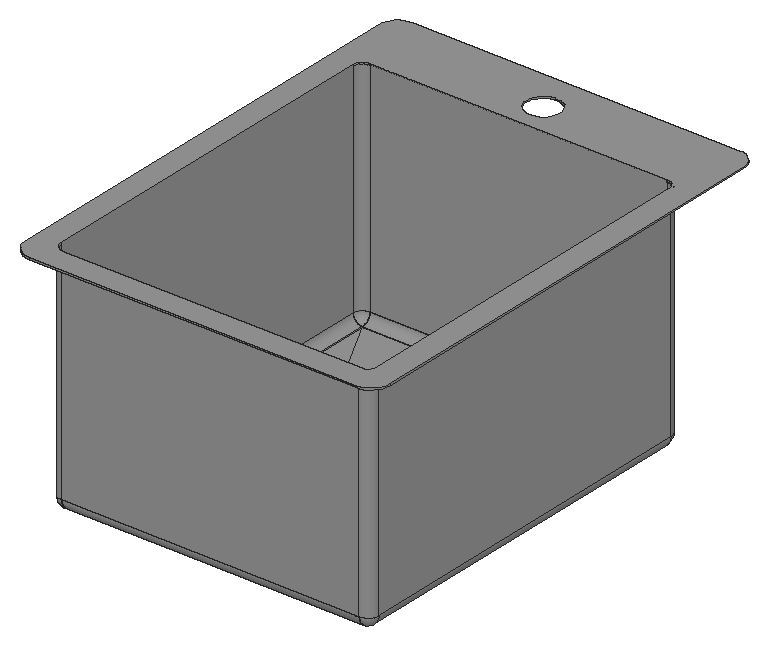
Revit family "BUILDMAT-SNGMTL020-Evelyn-380-Tap-Landing-Gunmetal", category Plumbing Fixtures, host Face, Revit 2026
Family settings
  Host = Face
  Round Connector Dimension = Use Diameter
  Part Type = Normal
  Enable Cutting in Views = No
  Cut with Voids When Loaded = No
  Maintain Annotation Orientation = No
  Shared = No
  Room Calculation Point = No
Parameters (values of type "Evelyn 380x500x250mm Brushed Gunmetal")
  Width = 330.0 mm
  Undermount [instance] = 0.0 mm
  URL = "https://www.buildmat.com.au/products/evelyn-380-single-bowl-tap-landing-sink"
  Model = "TLAN020"  # constant formula
  Manufacturer URL = "https://www.buildmat.com.au/"
  Manufacturer = "BUILDMAT"  # constant formula
  Length = 400.0 mm
  Description = "BUILDMAT - Evelyn 380x500 Single Bowl with Tap Landing Sink"  # constant formula
  Depth = 250.0 mm
  Default Elevation = 1219.2 mm
  Created By URL = "https://www.buildmat.com.au/"
  Created By = "BUILDMAT"  # constant formula
  Created = "22.06.2022"  # constant formula
  Material = BUILDMAT Gunmetal
Reference planes
  plane 1 "Center (Front/Back)": y = 0
  plane 2: z = 0
  plane 3 "Center (Left/Right)": x = 0
  plane 4 "Top Substrate": z = 0
  plane 5 "Left": x = -165
  plane 6 "Right": x = 165
  plane 7 "Back": y = 200
  plane 8 "Front": y = -200
  plane 9: x = -190
  plane 10: x = 190
  plane 11: y = -225
  plane 12: y = 275
  plane 13 "Bottom Void": z = -250
  plane 14: z = 1.5
  plane 15: x = -166.5
  plane 16: y = -201.5
  plane 17: x = 166.5
  plane 18: y = 201.5
  plane 19: z = -240
  plane 20: z = -230
  plane 21: x = -155
  plane 22: x = 155
  plane 23: y = -190
  plane 24: y = 190
  plane 25: z = -245
  plane 26: z = -241.5
  plane 27: z = -246.5
  plane 28: x = -100
  plane 29: x = 100
  plane 30 "Sound Pad": z = -130
  plane 31 "Front Bracket": y = -100
  plane 32 "Back Bracket": y = 100
  plane 33: x = -65
  plane 34: x = 65
  plane 35: x = -57
  plane 36: x = 57
  plane 37: x = -45
  plane 38: x = 45
  plane 39: y = 232
  plane 40: y = 251.5
  plane 41: x = -178.2
  plane 42: z = -15
  plane 43: x = 178.2
  plane 44: x = -176.7
  plane 45: x = 176.7
Forms (mm)
  Extrusion 1, void
    sketch origin (0, 0, 0) x (1, 0, 0) y (0, 1, 0)
      loop
        arc (-155, 200) -> (-162.071, 197.071) -> (-165, 190) r 10
        line (-165, 190) -> (-165, -190)
        arc (-165, -190) -> (-162.071, -197.071) -> (-155, -200) r 10
        line (-155, -200) -> (155, -200)
        arc (155, -200) -> (162.071, -197.071) -> (165, -190) r 10
        line (165, -190) -> (165, 190)
        arc (165, 190) -> (162.071, 197.071) -> (155, 200) r 10
        line (155, 200) -> (-155, 200)
    from 0 to 1.5
  Extrusion 2, void
    sketch origin (0, 0, 0) x (1, 0, 0) y (0, 1, 0)
      loop
        line (-166.5, 201.5) -> (-166.5, -201.5) -> (166.5, -201.5) -> (166.5, 201.5) -> (-166.5, 201.5)
    from 0 to -250
  Extrusion 3, void
    sketch origin (0, 0, 0) x (1, 0, 0) y (0, 1, 0)
      loop
        arc (-170, 275) -> (-184.142, 269.142) -> (-190, 255) r 20
        line (-190, 255) -> (-190, -205)
        arc (-190, -205) -> (-184.142, -219.142) -> (-170, -225) r 20
        line (-170, -225) -> (170, -225)
        arc (170, -225) -> (184.142, -219.142) -> (190, -205) r 20
        line (190, -205) -> (190, 255)
        arc (190, 255) -> (184.142, 269.142) -> (170, 275) r 20
        line (170, 275) -> (-170, 275)
    from 1.5 to 0
  Extrusion 4, solid, material "BUILDMAT Gunmetal" <- "Material"
    sketch origin (0, 0, 0) x (-1, 0, 0) y (0, -1, 0)
      loop
        arc (170, -275) -> (184.142, -269.142) -> (190, -255) r 20
        line (190, -255) -> (190, 205)
        arc (190, 205) -> (184.142, 219.142) -> (170, 225) r 20
        line (170, 225) -> (-170, 225)
        arc (-170, 225) -> (-184.142, 219.142) -> (-190, 205) r 20
        line (-190, 205) -> (-190, -255)
        arc (-190, -255) -> (-184.142, -269.142) -> (-170, -275) r 20
        line (-170, -275) -> (170, -275)
      loop
        arc (155, -200) -> (162.071, -197.071) -> (165, -190) r 10
        line (165, -190) -> (165, 190)
        arc (165, 190) -> (162.071, 197.071) -> (155, 200) r 10
        line (155, 200) -> (-155, 200)
        arc (-155, 200) -> (-162.071, 197.071) -> (-165, 190) r 10
        line (-165, 190) -> (-165, -190)
        arc (-165, -190) -> (-162.071, -197.071) -> (-155, -200) r 10
        line (-155, -200) -> (155, -200)
    from 0 to 1.5
  Extrusion 5, solid, material "BUILDMAT Gunmetal" <- "Material"
    sketch origin (0, 0, 0) x (-1, 0, 0) y (0, -1, 0)
      loop
        arc (155, -201.5) -> (163.132, -198.132) -> (166.5, -190) r 11.5
        line (166.5, -190) -> (166.5, 190)
        arc (166.5, 190) -> (163.132, 198.132) -> (155, 201.5) r 11.5
        line (155, 201.5) -> (-155, 201.5)
        arc (-155, 201.5) -> (-163.132, 198.132) -> (-166.5, 190) r 11.5
        line (-166.5, 190) -> (-166.5, -190)
        arc (-166.5, -190) -> (-163.132, -198.132) -> (-155, -201.5) r 11.5
        line (-155, -201.5) -> (155, -201.5)
      loop
        arc (-155, 200) -> (-162.071, 197.071) -> (-165, 190) r 10
        line (-165, 190) -> (-165, -190)
        arc (-165, -190) -> (-162.071, -197.071) -> (-155, -200) r 10
        line (-155, -200) -> (155, -200)
        arc (155, -200) -> (162.071, -197.071) -> (165, -190) r 10
        line (165, -190) -> (165, 190)
        arc (165, 190) -> (162.071, 197.071) -> (155, 200) r 10
        line (155, 200) -> (-155, 200)
    from 0 to -230
  Revolve 6, solid, material "BUILDMAT Gunmetal" <- "Material"
    sketch origin (-175.162, 190, 1219.2) x (-1, 0, 0) y (0, 0, 1)
      loop
        line (-340.162, -1449.2) -> (-341.662, -1449.2)
        arc (-341.662, -1449.2) -> (-338.293, -1457.332) -> (-330.162, -1460.7) r 11.5
        line (-330.162, -1460.7) -> (-330.162, -1459.2)
        arc (-330.162, -1459.2) -> (-337.233, -1456.271) -> (-340.162, -1449.2) r 10
      axis (-330.162, -1460.7) -> (-330.162, -1449.2)
    angle from 0 to -90
  Revolve 7, solid, material "BUILDMAT Gunmetal" <- "Material"
    sketch origin (-175.162, 190, 1219.2) x (-1, 0, 0) y (0, 0, 1)
      loop
        arc (-10.162, -1449.2) -> (-13.091, -1456.271) -> (-20.162, -1459.2) r 10
        line (-20.162, -1459.2) -> (-20.162, -1460.7)
        arc (-20.162, -1460.7) -> (-12.03, -1457.332) -> (-8.662, -1449.2) r 11.5
        line (-8.662, -1449.2) -> (-10.162, -1449.2)
      axis (-20.162, -1449.2) -> (-20.162, -1460.7)
    angle from 0 to -90
  Revolve 8, solid, material "BUILDMAT Gunmetal" <- "Material"
    sketch origin (-175.162, -190, 1219.2) x (-1, 0, 0) y (0, 0, 1)
      loop
        arc (-10.162, -1449.2) -> (-13.091, -1456.271) -> (-20.162, -1459.2) r 10
        line (-20.162, -1459.2) -> (-20.162, -1460.7)
        arc (-20.162, -1460.7) -> (-12.03, -1457.332) -> (-8.662, -1449.2) r 11.5
        line (-8.662, -1449.2) -> (-10.162, -1449.2)
      axis (-20.162, -1449.2) -> (-20.162, -1460.7)
    angle from 0 to 90
  Revolve 9, solid, material "BUILDMAT Gunmetal" <- "Material"
    sketch origin (-175.162, -190, 1219.2) x (-1, 0, 0) y (0, 0, 1)
      loop
        line (-340.162, -1449.2) -> (-341.662, -1449.2)
        arc (-341.662, -1449.2) -> (-338.293, -1457.332) -> (-330.162, -1460.7) r 11.5
        line (-330.162, -1460.7) -> (-330.162, -1459.2)
        arc (-330.162, -1459.2) -> (-337.233, -1456.271) -> (-340.162, -1449.2) r 10
      axis (-330.162, -1449.2) -> (-330.162, -1460.7)
    angle from 0 to 90
  Extrusion 10, solid, material "BUILDMAT Gunmetal" <- "Material"
    sketch origin (0, 0, 0) x (1, 0, 0) y (0, 0, 1)
      loop
        line (-165, -230) -> (-166.5, -230)
        arc (-166.5, -230) -> (-163.132, -238.132) -> (-155, -241.5) r 11.5
        line (-155, -241.5) -> (-155, -240)
        arc (-155, -240) -> (-162.071, -237.071) -> (-165, -230) r 10
    from -190 to 190
  Extrusion 11, solid, material "BUILDMAT Gunmetal" <- "Material"
    sketch origin (0, 0, 0) x (1, 0, 0) y (0, 0, 1)
      loop
        arc (165, -230) -> (162.071, -237.071) -> (155, -240) r 10
        line (155, -240) -> (155, -241.5)
        arc (155, -241.5) -> (163.132, -238.132) -> (166.5, -230) r 11.5
        line (166.5, -230) -> (165, -230)
    from -190 to 190
  Extrusion 12, solid, material "BUILDMAT Gunmetal" <- "Material"
    sketch origin (0, 0, 0) x (0, 1, 0) y (0, 0, 1)
      loop
        arc (200, -230) -> (197.071, -237.071) -> (190, -240) r 10
        line (190, -240) -> (190, -241.5)
        arc (190, -241.5) -> (198.132, -238.132) -> (201.5, -230) r 11.5
        line (201.5, -230) -> (200, -230)
    from -155 to 155
  Extrusion 13, solid, material "BUILDMAT Gunmetal" <- "Material"
    sketch origin (0, 0, 0) x (0, 1, 0) y (0, 0, 1)
      loop
        line (-200, -230) -> (-201.5, -230)
        arc (-201.5, -230) -> (-198.132, -238.132) -> (-190, -241.5) r 11.5
        line (-190, -241.5) -> (-190, -240)
        arc (-190, -240) -> (-197.071, -237.071) -> (-200, -230) r 10
    from -155 to 155
  Revolve 14, solid, material "BUILDMAT Gunmetal" <- "Material"
    sketch origin (0, 0, 0) x (1, 0, 0) y (0, 0, 1)
      loop
        line (-45, -250) -> (-45, -248.5)
        spline (-45, -248.5) -> (-46.484, -248.459) -> (-47.939, -248.339) -> (-49.337, -248.141) -> (-50.649, -247.871) -> (-51.848, -247.537) -> (-52.908, -247.151) -> (-53.805, -246.726) -> (-54.514, -246.283) -> (-55.023, -245.856) -> (-55.329, -245.483) -> (-55.468, -245.202) -> (-55.5, -245)
        line (-55.5, -245) -> (-57, -245)
        spline (-57, -245) -> (-56.897, -245.653) -> (-56.591, -246.294) -> (-56.087, -246.913) -> (-55.392, -247.5) -> (-54.52, -248.044) -> (-53.485, -248.536) -> (-52.305, -248.967) -> (-51, -249.33) -> (-49.592, -249.619) -> (-48.106, -249.83) -> (-46.566, -249.957) -> (-45, -250)
      axis (0, -245) -> (0, -250)
    angle from 0 to 360
  Blend 15, solid, material "BUILDMAT Gunmetal" <- "Material"
    base sketch origin (0, 0, 0) x (-1, 0, 0) y (0, -1, 0)
      loop
        circle (0, 0) r 57
    top sketch origin (0, 0, 0) x (-1, 0, 0) y (0, -1, 0)
      loop
        line (155, -190) -> (155, 190) -> (-155, 190) -> (-155, -190) -> (155, -190)
    from -246.5 to -241.5
  Blend 16, void
    base sketch origin (0, 0, 0) x (-1, 0, 0) y (0, -1, 0)
      loop
        circle (0, 0) r 57
    top sketch origin (0, 0, 0) x (-1, 0, 0) y (0, -1, 0)
      loop
        line (155, -190) -> (155, 190) -> (-155, 190) -> (-155, -190) -> (155, -190)
    from -245 to -240
  Extrusion 17, solid, material "BUILDMAT Gunmetal" <- "Material"
    sketch origin (0, 0, 0) x (-1, 0, 0) y (0, -1, 0)
      loop
        line (155, -190) -> (155, 190) -> (-155, 190) -> (-155, -190) -> (155, -190)
    from -241.5 to -240
  Extrusion 18, void
    sketch origin (0, 0, 0) x (-1, 0, 0) y (0, -1, 0)
      loop
        circle (0, 0) r 57
    from -250 to -230
  Extrusion 19, void
    sketch origin (0, 0, 0) x (-1, 0, 0) y (0, -1, 0)
      loop
        circle (0, -232) r 17.5
    from 0 to 100
Cuts and joins
  Extrusion 19 cuts Extrusion 4
  Extrusion 19 cuts Extrusion 5
  joined: Extrusion 4, Extrusion 5
  joined: Revolve 6, Revolve 9
  joined: Revolve 7, Revolve 8
  Blend 16, Extrusion 18 cuts Blend 15
  Blend 16, Extrusion 18 cuts Extrusion 17
  joined: Blend 15, Extrusion 17
Lines and regions (mm)
  Masking region 1
    outline origin (0, 0, 0) x (1, 0, 0) y (0, 0, 1)
      loop
        line (165, 0) -> (-165, 0) -> (-165, -230)
        arc (-165, -230) -> (-162.071, -237.071) -> (-155, -240) r 10
        line (-155, -240) -> (-57, -245) -> (57, -245) -> (155, -240)
        arc (155, -240) -> (162.071, -237.071) -> (165, -230) r 10
        line (165, -230) -> (165, 0)
  Masking region 2
    outline origin (0, 0, 0) x (1, 0, 0) y (0, 0, 1)
      loop
        line (-100, -244.306) -> (-100, -250) -> (-57, -250) -> (-57, -246.5) -> (-100, -244.306)
  Masking region 3
    outline origin (0, 0, 0) x (1, 0, 0) y (0, 0, 1)
      loop
        line (57, -246.5) -> (57, -250) -> (100, -250) -> (100, -244.306) -> (57, -246.5)
  Masking region 4
    outline origin (0, 0, 0) x (1, 0, 0) y (0, 0, 1)
      loop
        line (-178.2, 0) -> (-178.2, -15) -> (-176.7, -15) -> (-176.7, 0) -> (-178.2, 0)
  Masking region 5
    outline origin (0, 0, 0) x (1, 0, 0) y (0, 0, 1)
      loop
        line (176.7, 0) -> (176.7, -15) -> (178.2, -15) -> (178.2, 0) -> (176.7, 0)
Text (mm)
  text "Refer to www.buildmat.com.au for the most current product literature. \nAllow a +/- 5mm tolerance for dimensions shown in the product literature. \nPlease note product details are subject to change due to ongoing product development." at (0.056, -1035.857, 0), in view "Ref. Level"
Dimensions and locks
  "Undermount": plane 2 to plane 4 "Top Substrate"
  equal spacing: plane 5 "Left", plane 3 "Center (Left/Right)", plane 6 "Right"
  "Width": plane 5 "Left" to plane 6 "Right"
  "Length": plane 7 "Back" to plane 8 "Front"
  equal spacing: plane 7 "Back", plane 1 "Center (Front/Back)", plane 8 "Front"
  locked: plane 12 to plane 7 "Back" at 75
  locked: plane 8 "Front" to plane 11 at 25
  locked: plane 9 to plane 5 "Left" at 25
  locked: plane 6 "Right" to plane 10 at 25
  "Depth": plane 4 "Top Substrate" to plane 13 "Bottom Void"
  locked: plane 14 to plane 4 "Top Substrate" at 1.5
  locked: plane 18 to plane 7 "Back" at 1.5
  locked: plane 8 "Front" to plane 16 at 1.5
  plane 15 to plane 5 "Left" = 1.5 mm
  plane 6 "Right" to plane 17 = 1.5 mm
  plane 20 to plane 19 to plane 13 "Bottom Void" = 10.0 mm, 10.0 mm
  locked: plane 5 "Left" to plane 21 at 10
  locked: plane 22 to plane 6 "Right" at 10
  locked: plane 7 "Back" to plane 24 at 10
  locked: plane 23 to plane 8 "Front" at 10
  locked: plane 19 to plane 26 at 1.5
  locked: plane 25 to plane 13 "Bottom Void" at 5
  locked: plane 25 to plane 27 at 1.5
  plane 29 to plane 3 "Center (Left/Right)" to plane 28 = 100.0 mm locked, 100.0 mm locked
  locked: plane 30 "Sound Pad" to plane 13 "Bottom Void" at 120
  locked: plane 7 "Back" to plane 32 "Back Bracket" at 100
  locked: plane 31 "Front Bracket" to plane 8 "Front" at 100
  locked: plane 33 to plane 5 "Left" at 100
  locked: plane 6 "Right" to plane 34 at 100
  plane 37 to plane 3 "Center (Left/Right)" to plane 38 = 45.0 mm locked, 45.0 mm locked
  plane 35 to plane 3 "Center (Left/Right)" to plane 36 = 57.0 mm locked, 57.0 mm locked
  locked: plane 12 to plane 39 at 43
  locked: plane 40 to plane 18 at 50
  plane 44 to plane 41 to plane 9 = 1.5 mm locked, 11.8 mm locked
  plane 10 to plane 43 to plane 45 = 11.8 mm locked, 1.5 mm locked
  locked: plane 4 "Top Substrate" to plane 42 at 15
  aligned and locked: plane 2 to host face
  aligned and locked: level to host face
  aligned and locked: plane 8 "Front" to Extrusion 1 sketch curve
  aligned and locked: Extrusion 1 sketch curve to plane 7 "Back"
  aligned and locked: plane 5 "Left" to Extrusion 1 sketch curve
  aligned and locked: Extrusion 1 sketch curve to plane 6 "Right"
  aligned and locked: plane 2 to Extrusion 1
  aligned and locked: Extrusion 1 to plane 14
  aligned and locked: Extrusion 2 sketch curve to plane 16
  aligned and locked: Extrusion 2 sketch curve to plane 18
  aligned and locked: plane 15 to Extrusion 2 sketch curve
  aligned and locked: plane 17 to Extrusion 2 sketch curve
  aligned and locked: Extrusion 2 to plane 13 "Bottom Void"
  aligned and locked: plane 4 "Top Substrate" to Extrusion 2
  aligned and locked: plane 11 to Extrusion 3 sketch curve
  aligned and locked: plane 9 to Extrusion 3 sketch curve
  aligned and locked: Extrusion 3 sketch curve to plane 10
  aligned and locked: Extrusion 3 sketch curve to plane 12
  aligned and locked: Extrusion 3 to plane 4 "Top Substrate"
  aligned and locked: plane 14 to Extrusion 3
  aligned and locked: plane 11 to Extrusion 4 sketch curve
  aligned and locked: Extrusion 4 sketch curve to plane 12
  aligned and locked: plane 9 to Extrusion 4 sketch curve
  aligned and locked: Extrusion 4 sketch curve to plane 10
  aligned and locked: plane 5 "Left" to Extrusion 4 sketch curve
  aligned and locked: Extrusion 4 sketch curve to plane 6 "Right"
  aligned and locked: Extrusion 4 sketch curve to plane 7 "Back"
  aligned and locked: plane 8 "Front" to Extrusion 4 sketch curve
  aligned and locked: Extrusion 5 sketch curve to plane 7 "Back"
  aligned and locked: plane 5 "Left" to Extrusion 5 sketch curve
  aligned and locked: Extrusion 5 sketch curve to plane 6 "Right"
  aligned and locked: plane 8 "Front" to Extrusion 5 sketch curve
  aligned and locked: plane 15 to Extrusion 5 sketch curve
  aligned and locked: Extrusion 5 sketch curve to plane 16
  aligned and locked: plane 17 to Extrusion 5 sketch curve
  aligned and locked: Extrusion 5 sketch curve to plane 18
  aligned and locked: Extrusion 5 to plane 20
  aligned and locked: plane 4 "Top Substrate" to Extrusion 5
  aligned and locked: Extrusion 11 to plane 23
  aligned and locked: plane 24 to Extrusion 11
  aligned and locked: plane 24 to Extrusion 10
  aligned and locked: Extrusion 10 to plane 23
  aligned and locked: Extrusion 13 to plane 21
  aligned and locked: plane 22 to Extrusion 13
  aligned and locked: plane 22 to Extrusion 12
  aligned and locked: Extrusion 12 to plane 21
  aligned and locked: plane 21 to Blend 15 sketch curve
  aligned and locked: Blend 15 sketch curve to plane 22
  aligned and locked: plane 23 to Blend 15 sketch curve
  aligned and locked: Blend 15 sketch curve to plane 24
  aligned and locked: plane 27 to Blend 15
  aligned and locked: Blend 15 to plane 26
  aligned and locked: Blend 16 sketch curve to plane 24
  aligned and locked: plane 21 to Blend 16 sketch curve
  aligned and locked: Blend 16 sketch curve to plane 22
  aligned and locked: plane 23 to Blend 16 sketch curve
  aligned and locked: Blend 16 to plane 25
  aligned and locked: plane 19 to Blend 16
  aligned and locked: Extrusion 17 sketch curve to plane 24
  aligned and locked: plane 23 to Extrusion 17 sketch curve
  aligned and locked: plane 21 to Extrusion 17 sketch curve
  aligned and locked: Extrusion 17 sketch curve to plane 22
  aligned and locked: Extrusion 17 to plane 26
  aligned and locked: plane 19 to Extrusion 17
  aligned and locked: Extrusion 18 to plane 13 "Bottom Void"
  aligned and locked: plane 20 to Extrusion 18
  aligned and locked: cut or joined group of Blend 15, Blend 16, Extrusion 17, Extrusion 18 to Masking region 2 sketch curve
  aligned and locked: Masking region 3 sketch curve to cut or joined group of Blend 15, Blend 16, Extrusion 17, Extrusion 18
  aligned and locked: plane 3 "Center (Left/Right)" to nested 1
  aligned and locked: nested 1 to plane 30 "Sound Pad"
  aligned and locked: plane 31 "Front Bracket" to nested 3
  aligned and locked: plane 15 to nested 3
  aligned and locked: nested 5 to plane 31 "Front Bracket"
  aligned and locked: plane 17 to nested 5
  aligned and locked: nested 4 to plane 32 "Back Bracket"
  aligned and locked: plane 17 to nested 4
  aligned and locked: plane 32 "Back Bracket" to nested 2
  aligned and locked: plane 15 to nested 2
  aligned and locked: nested 6 to plane 4 "Top Substrate"
  aligned and locked: nested 6 to plane 33
  aligned and locked: nested 7 to plane 4 "Top Substrate"
  aligned and locked: nested 7 to plane 34
  aligned and locked: nested 10 to plane 33
  aligned and locked: nested 11 to plane 34
  aligned and locked: plane 16 to nested 10
  aligned and locked: plane 16 to nested 11
  aligned and locked: plane 33 to nested 8
  aligned and locked: plane 34 to nested 9
  aligned and locked: plane 23 to nested 12
  aligned and locked: plane 24 to nested 12
  aligned and locked: plane 22 to nested 12
  aligned and locked: plane 21 to nested 12
  aligned and locked: plane 3 "Center (Left/Right)" to nested 13
  aligned and locked: plane 1 "Center (Front/Back)" to nested 13
  aligned and locked: plane 4 "Top Substrate" to Masking region 1
  aligned and locked: nested 9 to plane 40
  aligned and locked: nested 8 to plane 40
  aligned and locked: Extrusion 19 to plane 4 "Top Substrate"
  aligned and locked: Masking region 4 sketch curve to plane 4 "Top Substrate"
  aligned and locked: Masking region 4 sketch curve to plane 42
  aligned and locked: Masking region 4 sketch curve to plane 41
  aligned and locked: Masking region 4 sketch curve to plane 44
  aligned and locked: Masking region 5 sketch curve to plane 4 "Top Substrate"
  aligned and locked: Masking region 5 sketch curve to plane 42
  aligned and locked: Masking region 5 sketch curve to plane 43
  aligned and locked: Masking region 5 sketch curve to plane 45
Automatic sketch dimensions
  host sketch curve to host sketch curve = 2438.4 mm  (x2)
  plane 5 "Left" to Extrusion 1 sketch curve = 10.0 mm  (x2)
  Extrusion 1 sketch curve to plane 6 "Right" = 10.0 mm  (x2)
  Extrusion 4 sketch curve to plane 10 = 20.0 mm  (x2)
  Extrusion 4 sketch curve to Extrusion 4 sketch curve = 10.0 mm  (x2)
  plane 5 "Left" to Extrusion 4 sketch curve = 10.0 mm
  plane 9 to Extrusion 4 sketch curve = 20.0 mm
  plane 8 "Front" to Extrusion 4 sketch curve = 10.0 mm
  plane 11 to Extrusion 4 sketch curve = 20.0 mm
  Extrusion 3 sketch curve to plane 5 "Left" = 5.0 mm
  plane 6 "Right" to Extrusion 3 sketch curve = 5.0 mm  (x2)
  plane 7 "Back" to Extrusion 3 sketch curve = 55.0 mm
  plane 5 "Left" to Extrusion 5 sketch curve = 10.0 mm
  Extrusion 5 sketch curve to plane 6 "Right" = 10.0 mm
  plane 8 "Front" to Extrusion 5 sketch curve = 10.0 mm
  Extrusion 5 sketch curve to plane 7 "Back" = 10.0 mm
  Extrusion 5 sketch curve to Extrusion 5 sketch curve = 0.0 mm  (x4)
  Revolve 6 sketch curve to Revolve 6 sketch curve = 0.0 mm  (x3)
  plane 17 to Revolve 6 sketch curve = 0.0 mm
  Revolve 6 sketch curve to plane 6 "Right" = 0.0 mm
  Revolve 6 sketch curve to plane 22 = 0.0 mm  (x2)
  Revolve 6 sketch curve to plane 19 = 0.0 mm
  Revolve 6 sketch curve to plane 20 = 0.0 mm
  Revolve 7 sketch curve to Revolve 7 sketch curve = 0.0 mm  (x3)
  Revolve 7 sketch curve to plane 20 = 0.0 mm  (x2)
  Revolve 7 sketch curve to plane 21 = 0.0 mm  (x2)
  Revolve 7 sketch curve to plane 5 "Left" = 0.0 mm
  Revolve 7 sketch curve to plane 15 = 0.0 mm
  Revolve 8 sketch curve to Revolve 8 sketch curve = 0.0 mm  (x3)
  Revolve 8 sketch curve to plane 20 = 0.0 mm  (x2)
  Revolve 8 sketch curve to plane 21 = 0.0 mm  (x2)
  Revolve 8 sketch curve to plane 5 "Left" = 0.0 mm
  Revolve 8 sketch curve to plane 15 = 0.0 mm
  Revolve 9 sketch curve to Revolve 9 sketch curve = 0.0 mm  (x3)
  plane 17 to Revolve 9 sketch curve = 0.0 mm
  Revolve 9 sketch curve to plane 6 "Right" = 0.0 mm
  Revolve 9 sketch curve to plane 22 = 0.0 mm  (x2)
  Revolve 9 sketch curve to plane 20 = 0.0 mm
  Revolve 9 sketch curve to plane 19 = 0.0 mm
  Extrusion 10 sketch curve to plane 15 = 0.0 mm
  Extrusion 10 sketch curve to plane 5 "Left" = 0.0 mm
  Extrusion 10 sketch curve to plane 19 = 0.0 mm
  Extrusion 10 sketch curve to plane 21 = 0.0 mm
  Extrusion 11 sketch curve to plane 20 = 0.0 mm
  Extrusion 11 sketch curve to plane 22 = 0.0 mm
  Extrusion 11 sketch curve to plane 6 "Right" = 0.0 mm
  plane 17 to Extrusion 11 sketch curve = 0.0 mm
  Extrusion 12 sketch curve to plane 20 = 0.0 mm
  Extrusion 12 sketch curve to plane 24 = 0.0 mm
  Extrusion 12 sketch curve to plane 7 "Back" = 0.0 mm
  Extrusion 12 sketch curve to plane 18 = 0.0 mm
  Extrusion 13 sketch curve to plane 16 = 0.0 mm
  Extrusion 13 sketch curve to plane 8 "Front" = 0.0 mm
  Extrusion 13 sketch curve to plane 23 = 0.0 mm
  Extrusion 13 sketch curve to plane 19 = 0.0 mm
  Revolve 14 sketch curve to plane 25 = 0.0 mm
  Revolve 14 sketch curve to plane 13 "Bottom Void" = 0.0 mm  (x2)
  Revolve 14 sketch curve to plane 3 "Center (Left/Right)" = 0.0 mm
  Revolve 14 sketch curve to plane 20 = 0.0 mm
  Revolve 14 sketch curve to plane 3 "Center (Left/Right)" = 45.0 mm
  Revolve 14 sketch curve to Revolve 14 sketch curve = 10.5 mm
  Revolve 14 sketch curve to Revolve 14 sketch curve = 1.5 mm  (x2)
  Revolve 14 sketch curve to Revolve 14 sketch curve = 0.0 mm
  plane 1 "Center (Front/Back)" to Blend 15 sketch curve = 0.0 mm
  Blend 15 sketch curve to plane 3 "Center (Left/Right)" = 0.0 mm
  plane 1 "Center (Front/Back)" to Blend 16 sketch curve = 0.0 mm
  Blend 16 sketch curve to plane 3 "Center (Left/Right)" = 0.0 mm
  plane 1 "Center (Front/Back)" to Extrusion 18 sketch curve = 0.0 mm
  Extrusion 18 sketch curve to plane 3 "Center (Left/Right)" = 0.0 mm
  Masking region 1 sketch curve to level = 0.0 mm
  Masking region 1 sketch curve to plane 20 = 0.0 mm
  Masking region 1 sketch curve to plane 21 = 0.0 mm
  Masking region 1 sketch curve to plane 25 = 0.0 mm
  Masking region 1 sketch curve to plane 3 "Center (Left/Right)" = 57.0 mm
  plane 3 "Center (Left/Right)" to Masking region 1 sketch curve = 57.0 mm
  Masking region 1 sketch curve to plane 19 = 0.0 mm
  Masking region 1 sketch curve to plane 22 = 0.0 mm
  Masking region 1 sketch curve to plane 6 "Right" = 0.0 mm
  Masking region 1 sketch curve to plane 5 "Left" = 0.0 mm
  Masking region 2 sketch curve to plane 28 = 0.0 mm
  Masking region 2 sketch curve to plane 13 "Bottom Void" = 0.0 mm
  Masking region 2 sketch curve to plane 27 = 0.0 mm
  Masking region 3 sketch curve to plane 27 = 0.0 mm
  Masking region 3 sketch curve to plane 13 "Bottom Void" = 0.0 mm
  Masking region 3 sketch curve to plane 29 = 0.0 mm
  Extrusion 19 sketch curve to plane 3 "Center (Left/Right)" = 0.0 mm
  Extrusion 19 sketch curve to plane 39 = 0.0 mm
  radius of Blend 15 sketch curve = 57.0 mm
  radius of Blend 16 sketch curve = 57.0 mm
  radius of Extrusion 18 sketch curve = 57.0 mm
  radius of Extrusion 19 sketch curve = 17.5 mm
Nested families
  nested 1: "SP_Front" at (0, 0, -130) x (1, 0, 0) z (0, -1, 0), type "SP_Front", not visible
  nested 2: "TMB_Plan" at (-166.5, 100, 0) x (0, 1, 0) z (0, 0, 1), type "TMB_Plan"
  nested 3: "TMB_Plan" at (-166.5, -100, 0) x (0, 1, 0) z (0, 0, 1), type "TMB_Plan"
  nested 4: "TMB_Plan" at (166.5, 100, 0) x (0, -1, 0) z (0, 0, 1), type "TMB_Plan"
  nested 5: "TMB_Plan" at (166.5, -100, 0) x (0, -1, 0) z (0, 0, 1), type "TMB_Plan"
  nested 6: "TMB_Front" at (-65, 0, 0) x (1, 0, 0) z (0, -1, 0), type "TMB_Front"
  nested 7: "TMB_Front" at (65, 0, 0) x (1, 0, 0) z (0, -1, 0), type "TMB_Front"
  nested 8: "TMB_Plan" at (-65, 251.5, 0), type "TMB_Plan"
  nested 9: "TMB_Plan" at (65, 251.5, 0), type "TMB_Plan"
  nested 10: "TMB_Plan" at (-65, -201.5, 0) x (-1, 0, 0) z (0, 0, 1), type "TMB_Plan"
  nested 11: "TMB_Plan" at (65, -201.5, 0) x (-1, 0, 0) z (0, 0, 1), type "TMB_Plan"
  nested 12: "BOWL Plan" at (0, 0, -130), type "BOWL Plan"
    with Width 310.0 mm, Lenght 380.0 mm
  nested 13: "DRAIN" at (0, 0, 0), type "DRAIN"
Definition of nested family "SP_Front"
  Reference planes
    plane 1 "Center (Elevation)": y = 0
    plane 2: z = 0
    plane 3 "Center (Left/Right)": x = 0
  Lines and regions (mm)
    Masking region 1, in view "Ref. Level"
      outline origin (0, 0, 0) x (1, 0, 0) y (0, 1, 0)
        loop
          arc (-50, 40) -> (-57.071, 37.071) -> (-60, 30) r 10
          line (-60, 30) -> (-60, -30)
          arc (-60, -30) -> (-57.071, -37.071) -> (-50, -40) r 10
          line (-50, -40) -> (50, -40)
          arc (50, -40) -> (57.071, -37.071) -> (60, -30) r 10
          line (60, -30) -> (60, 30)
          arc (60, 30) -> (57.071, 37.071) -> (50, 40) r 10
          line (50, 40) -> (-50, 40)
    detail lines, in view "Ref. Level"
      curve 1: line (-50, 40, 0) -> (50, 40, 0)
      curve 2: line (50, -40, 0) -> (-50, -40, 0)
      curve 3: line (60, 30, 0) -> (60, -30, 0)
      curve 4: line (-60, 30, 0) -> (-60, -30, 0)
      curve 5: arc (-50, 40, 0) -> (-57.071, 37.071, 0) -> (-60, 30, 0) r 10
      curve 6: arc (-60, -30, 0) -> (-57.071, -37.071, 0) -> (-50, -40, 0) r 10
      curve 7: arc (50, -40, 0) -> (57.071, -37.071, 0) -> (60, -30, 0) r 10
      curve 8: arc (60, 30, 0) -> (57.071, 37.071, 0) -> (50, 40, 0) r 10
  Dimensions and locks
    aligned and locked: Masking region 1 sketch curve to curve 1
    aligned and locked: Masking region 1 sketch curve to curve 4
    aligned and locked: Masking region 1 sketch curve to curve 2
    aligned and locked: Masking region 1 sketch curve to curve 3
Definition of nested family "TMB_Plan"
  Reference planes
    plane 1 "Center (Front/Back)": y = 0
    plane 2: z = 0
    plane 3 "Center (Left/Right)": x = 0
  Lines and regions (mm)
    detail lines, in view "Ref. Level"
      curve 1: line (-17.5, 0, 0) -> (17.5, 0, 0)
      curve 2: line (17.5, 0, 0) -> (17.5, 5, 0)
      curve 3: line (17.5, 5, 0) -> (12.5, 5, 0)
      curve 4: line (-17.5, 0, 0) -> (-17.5, 5, 0)
      curve 5: line (-17.5, 5, 0) -> (-12.5, 5, 0)
Definition of nested family "TMB_Front"
  Reference planes
    plane 1 "Center (Elevation)": y = 0
    plane 2: z = 0
    plane 3 "Center (Left/Right)": x = 0
  Lines and regions (mm)
    Masking region 1, in view "Ref. Level"
      outline origin (0, 0, 0) x (1, 0, 0) y (0, 1, 0)
        loop
          line (-17.5, 0) -> (-17.5, -80) -> (17.5, -80) -> (17.5, 0) -> (-17.5, 0)
    detail lines, in view "Ref. Level"
      curve 1: line (-17.5, 0, 0) -> (-17.5, -80, 0)
      curve 2: line (-17.5, -80, 0) -> (17.5, -80, 0)
      curve 3: line (17.5, -80, 0) -> (17.5, 0, 0)
      curve 4: line (-12.5, -50, 0) -> (12.5, -50, 0)
      curve 5: line (-12.5, -75, 0) -> (-12.5, -50, 0)
      curve 6: line (12.5, -75, 0) -> (-12.5, -75, 0)
      curve 7: line (12.5, -50, 0) -> (12.5, -75, 0)
Definition of nested family "BOWL Plan"
  Parameters (values of type "BOWL Plan")
    Width [instance] = 600.0 mm
    Lenght [instance] = 400.0 mm
  Reference planes
    plane 1 "Center (Front/Back)": y = 0
    plane 2: z = 0
    plane 3 "Center (Left/Right)": x = 0
    plane 4 "Left": x = -300
    plane 5 "Right": x = 300
    plane 6 "Back": y = 200
    plane 7 "Front": y = -200
  Lines and regions (mm)
    Masking region 1, in view "Ref. Level"
      outline origin (0, 0, 0) x (1, 0, 0) y (0, 1, 0)
        loop
          line (-300, 200) -> (-300, -200) -> (300, -200) -> (300, 200) -> (-300, 200)
    detail lines, in view "Ref. Level"
      curve 1: line (-300, 200, 0) -> (300, -200, 0)
      curve 2: line (-300, -200, 0) -> (300, 200, 0)
  Dimensions and locks
    equal spacing: plane 6 "Back", plane 1 "Center (Front/Back)", plane 7 "Front"
    "Lenght": plane 6 "Back" to plane 7 "Front"
    equal spacing: plane 4 "Left", plane 3 "Center (Left/Right)", plane 5 "Right"
    "Width": plane 4 "Left" to plane 5 "Right"
    aligned and locked: plane 4 "Left" to Masking region 1 sketch curve
    aligned and locked: Masking region 1 sketch curve to plane 5 "Right"
    aligned and locked: plane 7 "Front" to Masking region 1 sketch curve
    aligned and locked: Masking region 1 sketch curve to plane 6 "Back"
  Automatic sketch dimensions
    curve 2 to plane 4 "Left" = 0.0 mm
    curve 1 to plane 4 "Left" = 0.0 mm
    curve 2 to plane 5 "Right" = 0.0 mm
    curve 1 to plane 5 "Right" = 0.0 mm
    curve 1 to plane 7 "Front" = 0.0 mm
    curve 2 to plane 7 "Front" = 0.0 mm
    curve 2 to plane 6 "Back" = 0.0 mm
    curve 1 to plane 6 "Back" = 0.0 mm
Definition of nested family "DRAIN"
  Reference planes
    plane 1 "Center (Front/Back)": y = 0
    plane 2: z = 0
    plane 3 "Center (Left/Right)": x = 0
  Lines and regions (mm)
    Masking region 1, in view "Ref. Level"
      outline origin (0, 0, 0) x (1, 0, 0) y (0, 1, 0)
        loop
          circle (0, 0) r 57
    detail lines, in view "Ref. Level"
      curve 1: circle (0, 0, 0) r 45 normal (0, 0, 1)
      curve 2: circle (0, 0, 0) r 55.5 normal (0, 0, 1)
